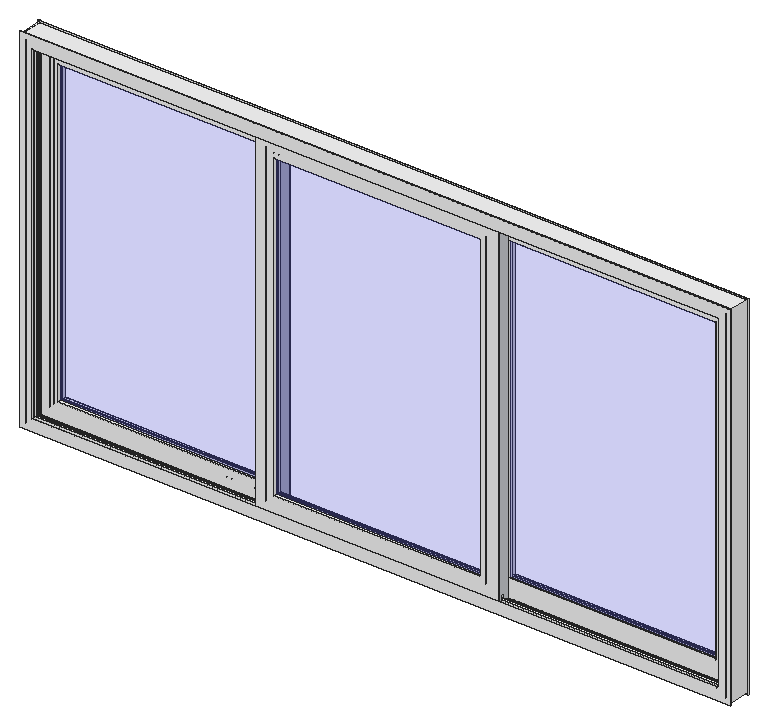
Revit family "1000_Sliding_Window_XOX_Custom", category Windows, host Wall, Revit 2014
Parameters (values of type "1000SW-XOX-Custom")
  Windload Design = if(Custom Windload < 1001 mm, 1000 mm, if(Custom Windload < 1501 mm, 1500 mm, 2000 mm))  # 1000 mm
  Width Sash Middle [instance] = 819.967 mm
  Width Sash Side [instance] = 820.017 mm
  Width = if(Custom Window Width < Limit Window Width Min, Limit Window Width Min, if(Custom Window Width > Limit Window Width Max, Limit Window Width Max, Custom Window Width))  # 2400 mm
  Wall Thickness [instance] = 200 mm
  URL = "http://www.crealco.co.za/crealco-products.php"
  Thermal Resistance (R) [instance] = if(and(Custom U Value > 0.5678, 1 / Custom U Value < 36.9087), Custom U Value, if(not(Custom U Value > 0.5678), 1 / 0.5679, 1 / 36.9086)) * 1.0000 (m²·K)/W  # 1.76087 (m²·K)/W
  Standard Interlocker = not(Heavy Duty Interlocker)  # yes
  Solar Heat Gain Coefficient [instance] = if(and(not(Custom SHGC Value < 0), not(Custom SHGC Value > 1)), Custom SHGC Value, if(Custom U Value < 0, 0, 1))  # 0
  Sash Width Middle = if(Equal Sash Width, (Width - (2 mm * 28.7)) / 3 + 39.1 mm, if(Custom Sash Width Middle < Limit Sash Width Middle Min, Limit Sash Width Middle Min, if(Custom Sash Width Middle > Limit Sash Width Middle Max, Limit Sash Width Middle Max, Custom Sash Width Middle)))  # 819.967 mm
  Sash Width Sides = (Width - (28.7 mm * 2) - Sash Width Middle) / 2 + 58.7 mm  # 820.017 mm
  Sash Height = Height - (2 mm * 28.7)  # 1142.6 mm
  Sash Frame Seal = 2 mm  # constant formula
  Overall Width [instance] = 2400 mm
  Overall Height [instance] = 1200 mm
  Model = "1000"  # constant formula
  Max Pane Area = if(Area Middle Sash Glazing > Area Side Sash Glazing, Area Middle Sash Glazing, Area Side Sash Glazing)  # 0.749632 m²
  Manufacturer = "Crealco"  # constant formula
  Limit Window Width Min = (3 * Limit Sash Width Min) + (2 mm * 28.7) - (2 * 58.8 mm)  # 839.8 mm
  Limit Window Width Max = (3 * Limit Sash Width Max) + (2 mm * 28.7) - (2 * 58.8 mm)  # 4439.8 mm
  Limit Window Height Min = Limit Sash Height Min + (2 mm * 28.7)  # 357.4 mm
  Limit Window Height Max = Limit Sash Height Max + (2 mm * 28.7)  # 1857.4 mm
  Limit Sash Width Min = 300 mm  # constant formula
  Limit Sash Width Max = 1500 mm  # constant formula
  Limit Sash Width Middle Min = if(Width - (2 mm * 28.7) - (2 * Limit Sash Width Max) + (2 * 58.8 mm) < Limit Sash Width Min, Limit Sash Width Min, Width - (2 mm * 28.7) - (2 * Limit Sash Width Max) + (2 * 58.8 mm))  # 300 mm
  Limit Sash Width Middle Max = if(Width - (2 mm * 28.7) - (2 * Limit Sash Width Min) + (2 * 58.8 mm) > Limit Sash Width Max, Limit Sash Width Max, Width - (2 mm * 28.7) - (2 * Limit Sash Width Min) + (2 * 58.8 mm))  # 1500 mm
  Limit Sash Height Min = 300 mm  # constant formula
  Limit Sash Height Max = 1800 mm  # constant formula
  Is Heavy Duty Mullion = if(Windload Design = 1000 mm, if(and(Width > 1490 mm, Height > 1490 mm), 1 mm, 0 mm), if(Windload Design = 1500 mm, if(or(and(Width > 1790 mm, Height > 1190 mm), and(Width > 890 mm, Height > 1490 mm)), 1 mm, 0 mm), if(or(and(Width > 1190 mm, Height > 1190 mm), Height > 1490 mm), 1 mm, 0 mm)))  # 0 mm
  IGDB or SAGDB Number [instance] = 0
  Height Sash [instance] = 1142.6 mm
  Height = if(Custom Window Height < Limit Window Height Min, Limit Window Height Min, if(Custom Window Height > Limit Window Height Max, Limit Window Height Max, Custom Window Height))  # 1200 mm
  Heavy Duty Interlocker = if(Is Heavy Duty Mullion = 1 mm, 1 = 1, 1 = 0)  # no
  Heat Transfer Coefficient (U) [instance] = if(and(Custom U Value > 0.5678, Custom U Value < 36.9087), Custom U Value, if(not(Custom U Value > 0.5678), 0.5679, 36.9086)) * 1.0000 W/(m²·K)  # 0.5679 W/(m²·K)
  Glazing Thickness [instance] = if(IGDB or SAGDB Number = 1000015, 4 mm, if(IGDB or SAGDB Number = 9922, 4 mm, if(IGDB or SAGDB Number = 100100, 6 mm, if(IGDB or SAGDB Number = 103200, 7 mm, if(not(Max Pane Area > 0.75 m²), 4 mm, if(not(Max Pane Area > 1.50 m²), 4 mm, if(not(Max Pane Area > 2.10 m²), 5 mm, if(not(Max Pane Area > 2.90 m²), 6.4 mm, if(not(Max Pane Area > 4.30 m²), 8 mm, 10 mm)))))))))  # 4 mm
  Glazing Material [instance] = if(IGDB or SAGDB Number = 1000015, "PFG CLEARVUE 4mm", if(IGDB or SAGDB Number = 9922, "PFG ENERGY ADVANTAGE 4mm LOW-E", if(IGDB or SAGDB Number = 100100, "PFG INTRUDERPRUFE 6.38mm", if(IGDB or SAGDB Number = 103200, "PFG INTRUDERPRUFE LOW-E 7.38mm", "Unknown"))))  # "Unknown"
  Glazing Finish [instance] = Glass
  Glazing Code [instance] = if(IGDB or SAGDB Number = 1000015, "CF4", if(IGDB or SAGDB Number = 9922, "CF4E", if(IGDB or SAGDB Number = 100100, "LAM01", if(IGDB or SAGDB Number = 103200, "LAM01E", "Unknown"))))  # "Unknown"
  Frame Thickness = 75.7 mm  # constant formula
  Frame Offset From Exterior [instance] = if(Centered In Wall, (Wall Thickness - Frame Thickness) / 2, Custom Frame Offset From Exterior)  # 62.15 mm
  Equal Sash Width = yes
  Description = "sliding window, XOX custom"  # constant formula
  Default Sill Height = 800 mm
  Wall Closure = By host
  Custom Window Width = 2400 mm
  Custom Window Height = 1200 mm
  Custom Windload = 1000 mm
  Custom U Value [instance] = 0
  Custom Sash Width Middle = 100 mm
  Custom SHGC Value [instance] = 0
  Custom Frame Offset From Exterior = 0 mm
  Centered In Wall = yes
  Area Middle Sash Glazing = (Sash Width Middle - (50.3 mm * 2)) * (Sash Height - (50.3 mm * 2))  # 0.74958 m²
  Area Side Sash Glazing = (Sash Width Sides - (50.3 mm * 2)) * (Sash Height - (50.3 mm * 2))  # 0.749632 m²
  Aluminium Finish [instance] = White Powder Coated Aluminium ANP 1052
  All Available Glazing Numbers [instance] = "The rows below list the available glazing materials for this window:"  # constant formula
  9922 [instance] = "CF4E"  # constant formula
  103200 [instance] = "LAM01E"  # constant formula
  100100 [instance] = "LAM01"  # constant formula
  1000015 [instance] = "CF4"  # constant formula
Reference planes
  plane 1 "Center (Front/Back)": y = 0
  plane 2 "Center (Left/Right)": x = 0
  plane 3 "Left": x = -1200
  plane 4 "Right": x = 1200
  plane 5 "Sill": z = 800
  plane 6 "Head": z = 2000
  plane 7 "Exterior": y = 100
  plane 8 "Interior": y = -100
Lines and regions (mm)
  Opening 1
    outline origin (3500, -100, 0) x (1, 0, 0) y (0, 0, 1)
      loop
        line (-2300, 800) -> (-2300, 2000) -> (-4700, 2000) -> (-4700, 800) -> (-2300, 800)
Text (mm)
  text "EXTERIOR" at (-1963.203, 1332.353, 0), in view "Ref. Level"
  text "INTERIOR" at (-1981.466, -818.386, 0), in view "Ref. Level"
  text "Exterior" at (0, 923.751, 2943.296), in view "Right"
  text "Exterior" at (0, 1040.484, 2685.409), in view "Left"
Dimensions and locks
  equal spacing: plane 3 "Left", plane 2 "Center (Left/Right)", plane 4 "Right"
  "Width": plane 3 "Left" to plane 4 "Right"
  "Height": plane 5 "Sill" to plane 6 "Head"
  "Default Sill Height": plane 5 "Sill" to level
  locked: plane 7 "Exterior" to host wall at 0
  locked: plane 8 "Interior" to host wall
  "Overall Height": plane 6 "Head" to plane 5 "Sill"
  "Overall Width": plane 3 "Left" to plane 4 "Right"
  "Frame Offset From Exterior": nested 1 to plane 7 "Exterior"
  "Sash Frame Seal": nested 1 to nested 3
  "Sash Frame Seal": nested 2 to nested 1
  "Width Sash Side": nested 3 to nested 3
  "Width Sash Middle": nested 2 to nested 2
  "Height Sash": nested 3 to nested 3
  "Wall Thickness": host wall to host wall
  aligned and locked: nested 1 to nested 3
  aligned and locked: nested 2 to nested 1
  aligned and locked: nested 3 to nested 1
  aligned and locked: nested 1 to plane 6 "Head"
  aligned and locked: nested 1 to plane 4 "Right"
  aligned and locked: nested 4 to nested 3  (x3)
  aligned and locked: nested 5 to nested 2
  aligned and locked: nested 2 to nested 5
  aligned and locked: nested 7 to nested 2  (x2)
  aligned and locked: nested 2 to nested 7
  aligned and locked: nested 6 to nested 3  (x3)
  aligned and locked: nested 7 to nested 5
  aligned and locked: nested 2 to nested 3
  aligned and locked: nested 8 to nested 1
  aligned and locked: nested 1 to nested 8  (x2)
  aligned and locked: nested 8 to nested 9  (x2)
  aligned and locked: nested 9 to nested 8
  aligned and locked: nested 8 to nested 10  (x2)
  aligned and locked: nested 10 to nested 8
  aligned and locked: nested 11 to nested 2  (x3)
  aligned and locked: nested 12 to nested 2  (x2)
  aligned and locked: nested 12 to nested 8
Automatic sketch dimensions
  plane 3 "Left" to Opening 1 sketch curve = 0 mm
  plane 4 "Right" to Opening 1 sketch curve = 0 mm
  Opening 1 sketch curve to plane 5 "Sill" = 0 mm
  Opening 1 sketch curve to plane 6 "Head" = 0 mm
Nested families
  nested 1: "1000_Outer_Frame_With_Lip_XOX_Cust" at (-1200, -37.85, 800) x (-1, 0, 0) z (0, 0, 1), Width <- "Width", Height <- "Height", Profile Material <- "Aluminium Finish", type "1000_Outer_Frame_With_Lip_XOX_Cust"
    with Width 2400 mm, Profile Material White Powder Coated Aluminium ANP 1052, Height 1200 mm
  nested 2: "1000_Sash_SG_XOX_Cust" at (409.982, -2.15, 828.699), Sash Height <- "Sash Height", Sash Width <- "Sash Width Middle", Profile Material <- "Aluminium Finish", Glazing Thickness <- "Glazing Thickness", Glazing Material <- "Glazing Finish", type "1000_Sash_SG_XOX_Cust"
    with Sash Width 819.967 mm, Sash Height 1142.6 mm, Right Sliding no, Profile Material White Powder Coated Aluminium ANP 1052, Length Arrow Tip 72.663 mm, Length Arrow 239.789 mm, Left Sliding no, Is Sliding no, Glazing Thickness 4 mm, Glazing Start -2 mm, Glazing Material Glass, Glazing End 2 mm, Arrow Tip Length 72.663 mm, Arrow Left Gap 290.089 mm, Arrow Bottom Gap 571.3 mm
  nested 3: "1000_Sash_SG_XOX_Cust" at (1171.299, 37.85, 828.699), Sash Height <- "Sash Height", Sash Width <- "Sash Width Sides", Profile Material <- "Aluminium Finish", Glazing Thickness <- "Glazing Thickness", Glazing Material <- "Glazing Finish", type "1000_Sash_SG_XOX_Cust"
    with Sash Width 820.017 mm, Sash Height 1142.6 mm, Right Sliding yes, Profile Material White Powder Coated Aluminium ANP 1052, Length Arrow Tip 72.668 mm, Length Arrow 239.806 mm, Left Sliding no, Is Sliding yes, Glazing Thickness 4 mm, Glazing Start -2 mm, Glazing Material Glass, Glazing End 2 mm, Arrow Tip Length 72.668 mm, Arrow Left Gap 290.106 mm, Arrow Bottom Gap 571.3 mm
  nested 4: "1000_Clip_On_Interlocker_XOX_Cust" at (382.282, 1.55, 828.699) x (0, 1, 0) z (0, 0, 1), Clip On Interlocker Length <- "Sash Height", visible <- "Standard Interlocker", type "1000_Clip_On_Interlocker_XOX_Cust"
    with Profile Material none, Clip On Interlocker Length 1142.6 mm
  nested 5: "1000_Clip_On_Interlocker_XOX_Cust" at (378.982, 6.15, 828.699) x (0, -1, 0) z (0, 0, 1), Clip On Interlocker Length <- "Sash Height", visible <- "Standard Interlocker", type "1000_Clip_On_Interlocker_XOX_Cust"
    with Profile Material none, Clip On Interlocker Length 1142.6 mm
  nested 6: "1000_Heavy_Duty_Interlocker_XOX_Cust" at (500.267, -185.916, 828.699) x (0, 1, 0) z (0, 0, 1), visible <- "Heavy Duty Interlocker", Profile Material <- "Aluminium Finish", Heavy Duty Interlocker Length <- "Sash Height", type "1000_Heavy_Duty_Interlocker_XOX_Cust"
    with Profile Material White Powder Coated Aluminium ANP 1052, Heavy Duty Interlocker Length 1142.6 mm, Heavy Duty Interlocker yes
  nested 7: "1000_Heavy_Duty_Interlocker_XOX_Cust" at (260.997, 193.616, 828.699) x (0, -1, 0) z (0, 0, 1), visible <- "Heavy Duty Interlocker", Profile Material <- "Aluminium Finish", Heavy Duty Interlocker Length <- "Sash Height", type "1000_Heavy_Duty_Interlocker_XOX_Cust"
    with Profile Material White Powder Coated Aluminium ANP 1052, Heavy Duty Interlocker Length 1142.6 mm, Heavy Duty Interlocker yes
  nested 8: "1000_Sash_SG_XOX_Cust" at (-351.282, 37.85, 828.699), Sash Height <- "Sash Height", Sash Width <- "Sash Width Sides", Profile Material <- "Aluminium Finish", Glazing Thickness <- "Glazing Thickness", Glazing Material <- "Glazing Finish", type "1000_Sash_SG_XOX_Cust"
    with Sash Width 820.017 mm, Sash Height 1142.6 mm, Right Sliding no, Profile Material White Powder Coated Aluminium ANP 1052, Length Arrow Tip 72.668 mm, Length Arrow 239.806 mm, Left Sliding yes, Is Sliding yes, Glazing Thickness 4 mm, Glazing Start -2 mm, Glazing Material Glass, Glazing End 2 mm, Arrow Tip Length 72.668 mm, Arrow Left Gap 290.106 mm, Arrow Bottom Gap 571.3 mm
  nested 9: "1000_Heavy_Duty_Interlocker_XOX_Cust" at (-500.267, -185.916, 828.699) x (0, 1, 0) z (0, 0, 1), visible <- "Heavy Duty Interlocker", Profile Material <- "Aluminium Finish", Heavy Duty Interlocker Length <- "Sash Height", type "1000_Heavy_Duty_Interlocker_XOX_Cust"
    with Profile Material White Powder Coated Aluminium ANP 1052, Heavy Duty Interlocker Length 1142.6 mm, Heavy Duty Interlocker yes
  nested 10: "1000_Clip_On_Interlocker_XOX_Cust" at (-382.282, 1.55, 828.699) x (0, 1, 0) z (0, 0, 1), Clip On Interlocker Length <- "Sash Height", visible <- "Standard Interlocker", type "1000_Clip_On_Interlocker_XOX_Cust"
    with Profile Material none, Clip On Interlocker Length 1142.6 mm
  nested 11: "1000_Heavy_Duty_Interlocker_XOX_Cust" at (-260.999, 193.616, 828.699) x (0, -1, 0) z (0, 0, 1), visible <- "Heavy Duty Interlocker", Profile Material <- "Aluminium Finish", Heavy Duty Interlocker Length <- "Sash Height", type "1000_Heavy_Duty_Interlocker_XOX_Cust"
    with Profile Material White Powder Coated Aluminium ANP 1052, Heavy Duty Interlocker Length 1142.6 mm, Heavy Duty Interlocker yes
  nested 12: "1000_Clip_On_Interlocker_XOX_Cust" at (-378.984, 6.15, 828.699) x (0, -1, 0) z (0, 0, 1), Clip On Interlocker Length <- "Sash Height", visible <- "Standard Interlocker", type "1000_Clip_On_Interlocker_XOX_Cust"
    with Profile Material none, Clip On Interlocker Length 1142.6 mm
Definition of nested family "1000_Outer_Frame_With_Lip_XOX_Cust"
  Parameters (values of type "1000_Outer_Frame_With_Lip")
    Width [instance] = 1200 mm
    Profile Material [instance] = none
    Height [instance] = 1800 mm
  Reference planes
    plane 1 "Center (Front/Back)": y = 0
    plane 2: z = 0
    plane 3 "Center (Left/Right)": x = 0
  Forms (mm)
    Sweep 1, solid, material <- "Profile Material"
      path origin (0, 0, 0) x (1, 0, 0) y (0, 0, 1)
        loop
          line (0, 0) -> (0, 1800) -> (-1200, 1800) -> (-1200, 0) -> (0, 0)
      profile origin (-600, 0, 0) x (0, 0, -1) y (0, -1, 0)
        loop
          line (0, 0) -> (0, 1.4) -> (-4.241, 1.4) -> (-4.241, 42) -> (-4.241, 74.3) -> (0, 74.3) -> (0, 75.7) -> (-18.001, 75.7) -> (-18.001, 67.7) -> (-38.001, 67.7) -> (-39.788, 62.338) -> (-39.788, 61.062) -> (-38.001, 55.7) -> (-28.701, 55.7) -> (-28.701, 57.1) -> (-36.887, 57.1) -> (-37.885, 60.095) -> (-37.885, 63.305) -> (-36.887, 66.3) -> (-18.001, 66.3) -> (-18.001, 17.1) -> (-36.887, 17.1) -> (-37.885, 20.095) -> (-37.885, 23.305) -> (-36.887, 26.3) -> (-28.701, 26.3) -> (-28.701, 27.7) -> (-38.001, 27.7) -> (-39.788, 22.338) -> (-39.788, 21.062) -> (-38.001, 15.7) -> (-18.001, 15.7) -> (-18.001, 1.4) -> (-39.751, 1.4) -> (-39.751, 0) -> (0, 0)
        loop
          line (-5.641, 74.3) -> (-16.601, 74.3) -> (-16.601, 1.4) -> (-5.641, 1.4) -> (-5.641, 74.3)
  Lines and regions (mm)
    model lines
      curve 1: line (-1200, -75.7, 1800) -> (-1181.999, -75.7, 1781.999)
      curve 2: line (-18.001, -75.7, 1781.999) -> (0, -75.7, 1800)
      curve 3: line (0, -75.7, 0) -> (-18.001, -75.7, 18.001)
      curve 4: line (-1181.999, -75.7, 18.001) -> (-1200, -75.7, 0)
      curve 5: line (-1181.999, -67.7, 18.001) -> (-1161.999, -67.7, 38.001)
      curve 6: line (-38.001, -67.7, 38.001) -> (-18.001, -67.7, 18.001)
      curve 7: line (-18.001, -67.7, 1781.999) -> (-38.001, -67.7, 1761.999)
      curve 8: line (-1181.999, -67.7, 1781.999) -> (-1161.999, -67.7, 1761.999)
      curve 9: line (0, 0, 1800) -> (-39.788, 0, 1760.212)
      curve 10: line (-1200, 0, 1800) -> (-1160.249, 0, 1760.249)
      curve 11: line (-1200, 0, 0) -> (-1160.249, 0, 39.751)
      curve 12: line (0, 0, 0) -> (-39.788, 0, 39.788)
  Dimensions and locks
    "Width": Sweep 1 sketch curve to Sweep 1 sketch curve
    "Height": Sweep 1 sketch curve to Sweep 1 sketch curve
    aligned and locked: level to plane 2
  Automatic sketch dimensions
    Sweep 1 sketch curve to plane 1 "Center (Front/Back)" = 0 mm
    Sweep 1 sketch curve to profile plane = 0 mm  (x2)
    Sweep 1 sketch curve to Sweep 1 sketch curve = 4.241 mm
    Sweep 1 sketch curve to Sweep 1 sketch curve = 1.4 mm  (x8)
    plane 1 "Center (Front/Back)" to Sweep 1 sketch curve = 1.4 mm  (x2)
    Sweep 1 sketch curve to Sweep 1 sketch curve = 10.96 mm
    Sweep 1 sketch curve to Sweep 1 sketch curve = 0 mm  (x3)
    Sweep 1 sketch curve to Sweep 1 sketch curve = 10.7 mm  (x2)
    Sweep 1 sketch curve to Sweep 1 sketch curve = 8.186 mm  (x4)
    plane 1 "Center (Front/Back)" to Sweep 1 sketch curve = 17.1 mm
    Sweep 1 sketch curve to Sweep 1 sketch curve = 0.998 mm  (x2)
    Sweep 1 sketch curve to Sweep 1 sketch curve = 1.114 mm  (x4)
    Sweep 1 sketch curve to Sweep 1 sketch curve = 1.75 mm
    Sweep 1 sketch curve to Sweep 1 sketch curve = 1.904 mm  (x2)
    Sweep 1 sketch curve to Sweep 1 sketch curve = 2.995 mm  (x4)
    Sweep 1 sketch curve to Sweep 1 sketch curve = 0.967 mm  (x4)
    Sweep 1 sketch curve to Sweep 1 sketch curve = 1.276 mm  (x2)
    Sweep 1 sketch curve to Sweep 1 sketch curve = 14.3 mm
    Sweep 1 sketch curve to Sweep 1 sketch curve = 28 mm
    Sweep 1 sketch curve to Sweep 1 sketch curve = 6.6 mm
    curve 3 to Sweep 1 = 0 mm  (x3)
    Sweep 1 to curve 3 = 0 mm
    curve 2 to Sweep 1 = 0 mm  (x4)
    curve 1 to Sweep 1 = 0 mm  (x4)
    curve 4 to Sweep 1 = 0 mm  (x3)
    Sweep 1 to curve 4 = 0 mm
    curve 7 to Sweep 1 = 0 mm  (x4)
    curve 6 to Sweep 1 = 0 mm  (x3)
    Sweep 1 to curve 6 = 0 mm
    curve 5 to Sweep 1 = 0 mm  (x3)
    Sweep 1 to curve 5 = 0 mm
    curve 8 to Sweep 1 = 0 mm  (x4)
    curve 12 to Sweep 1 = 0 mm  (x2)
    curve 9 to Sweep 1 = 0 mm
    Sweep 1 to curve 9 = 0 mm
    curve 11 to Sweep 1 = 0 mm  (x4)
    curve 10 to Sweep 1 = 0 mm  (x3)
    Sweep 1 to curve 10 = 0 mm
    curve 12 to Sweep 1 = 0.037 mm  (x2)
    curve 9 to Sweep 1 = 0.037 mm  (x2)
    Sweep 1 sketch curve to level = 0 mm
    Sweep 1 sketch curve to plane 3 "Center (Left/Right)" = 0 mm
Definition of nested family "1000_Sash_SG_XOX_Cust"
  Parameters (values of type "1000_Sash_SG")
    Sash Width [instance] = 300 mm
    Sash Height [instance] = 600 mm
    Right Sliding [instance] = yes
    Profile Material [instance] = White Powder Coated Aluminium ANP 1052
    Length Arrow Tip [instance] = Length Arrow / 3.3  # 20.141 mm
    Length Arrow [instance] = (Sash Width - (2 * 50.3 mm)) / 3  # 66.467 mm
    Left Sliding [instance] = yes
    Is Sliding [instance] = if(or(Right Sliding, Left Sliding), 1 = 1, 1 = 2)  # yes
    Glazing Thickness [instance] = 6.4 mm
    Glazing Start [instance] = -Glazing Thickness / 2  # -3.2 mm
    Glazing Material [instance] = Glass
    Glazing Frame Gap = 5 mm  # constant formula
    Glazing End [instance] = Glazing Thickness / 2  # 3.2 mm
    Arrow Tip Length [instance] = if((Sash Height - (2 * 50.3 mm)) / 8 > Length Arrow / 3.3, Length Arrow / 3.3, (Sash Height - (2 * 50.3 mm)) / 8)  # 20.141 mm
    Arrow Tip Angle = 45.00°
    Arrow Left Gap [instance] = (Sash Width - Length Arrow) / 2  # 116.767 mm
    Arrow Bottom Gap [instance] = Sash Height / 2  # 300 mm
  Reference planes
    plane 1 "Center (Front/Back)": y = 0
    plane 2: z = 0
    plane 3 "Center (Left/Right)": x = 0
    plane 4: y = -14
  Forms (mm)
    Sweep 1, solid, material "White Powder Coated Aluminium ANP 1052" <- "Profile Material"
      path origin (0, 0, 0) x (1, 0, 0) y (0, 0, 1)
        loop
          line (0, 0) -> (0, 600) -> (-300, 600) -> (-300, 0) -> (0, 0)
      profile origin (-150, 0, 0) x (0, 0, -1) y (0, -1, 0)
        loop
          line (-60, 0) -> (0, 0) -> (0, 6) -> (-1.3, 6) -> (-1.3, 1.3) -> (-31.5, 1.3) -> (-31.5, 5) -> (-30, 5) -> (-30, 23) -> (-31.5, 23) -> (-31.5, 26.7) -> (-1.3, 26.7) -> (-1.3, 22) -> (0, 22) -> (0, 28) -> (-60, 28) -> (-60, 20) -> (-58.7, 20) -> (-58.7, 26.7) -> (-45.3, 26.7) -> (-45.3, 1.3) -> (-58.7, 1.3) -> (-58.7, 8) -> (-60, 8) -> (-60, 0)
        loop
          line (-44, 26.7) -> (-44, 1.3) -> (-33, 1.3) -> (-33, 6.3) -> (-31.5, 6.3) -> (-31.5, 21.7) -> (-33, 21.7) -> (-33, 26.7) -> (-44, 26.7)
    Extrusion 2, solid, material "Glass" <- "Glazing Material"
      sketch origin (-1130, -14, 1200) x (-1, 0, 0) y (0, 0, 1)
        loop
          line (-880.3, -650.3) -> (-1079.7, -650.3) -> (-1079.7, -1149.7) -> (-880.3, -1149.7) -> (-880.3, -650.3)
      from -3.2 <- "Glazing Start" to 3.2 <- "Glazing End"
  Lines and regions (mm)
    model lines
      curve 1: line (-240, 0, 540) -> (-300, 0, 600)
      curve 2: line (-60, 0, 540) -> (0, 0, 600)
      curve 3: line (0, 0, 0) -> (-60, 0, 60)
      curve 4: line (-240, 0, 60) -> (-300, 0, 0)
      curve 5: line (-60, -28, 540) -> (0, -28, 600)
      curve 6: line (-240, -28, 540) -> (-300, -28, 600)
      curve 7: line (-300, -28, 0) -> (-240, -28, 60)
      curve 8: line (0, -28, 0) -> (-60, -28, 60)
    model lines, visible <- "Is Sliding"
      curve 9: line (-183.233, -10.8, 300) -> (-116.767, -10.8, 300)
    model lines, visible <- "Left Sliding"
      curve 10: line (-116.767, -10.8, 300) -> (-131.009, -10.8, 314.242)
      curve 11: line (-116.767, -10.8, 300) -> (-131.009, -10.8, 285.758)
    model lines, visible <- "Right Sliding"
      curve 12: line (-183.233, -10.8, 300) -> (-168.991, -10.8, 314.242)
      curve 13: line (-183.233, -10.8, 300) -> (-168.991, -10.8, 285.758)
  Dimensions and locks
    "Sash Width": Sweep 1 sketch curve to Sweep 1 sketch curve
    "Sash Height": Sweep 1 sketch curve to Sweep 1 sketch curve
    "Glazing Frame Gap": Sweep 1 to Extrusion 2 sketch curve
    "Glazing Frame Gap": Extrusion 2 sketch curve to Sweep 1  (x3)
    "Length Arrow": curve 9 to curve 9
    "Arrow Left Gap": plane 3 "Center (Left/Right)" to curve 9
    "Arrow Bottom Gap": level to curve 9
    "Arrow Tip Length": curve 11 to curve 10
    "Arrow Tip Length": curve 11 to curve 11
    "Length Arrow Tip": curve 13 to curve 13
    "Length Arrow Tip": curve 13 to curve 12
    "Arrow Tip Angle": angle curve 11 to curve 9
    "Arrow Tip Angle": angle curve 9 to curve 10
    "Arrow Tip Angle": angle curve 12 to curve 9
    "Arrow Tip Angle": angle curve 9 to curve 13
    aligned and locked: level to plane 2
  Automatic sketch dimensions
    curve 2 to Sweep 1 = 0 mm  (x4)
    curve 3 to Sweep 1 = 0 mm  (x3)
    Sweep 1 to curve 3 = 0 mm
    curve 1 to Sweep 1 = 0 mm  (x4)
    curve 4 to Sweep 1 = 0 mm  (x3)
    Sweep 1 to curve 4 = 0 mm
    curve 8 to Sweep 1 = 0 mm  (x4)
    curve 5 to Sweep 1 = 0 mm  (x3)
    Sweep 1 to curve 5 = 0 mm
    curve 7 to Sweep 1 = 0 mm  (x4)
    curve 6 to Sweep 1 = 0 mm  (x3)
    Sweep 1 to curve 6 = 0 mm
    Sweep 1 sketch curve to plane 1 "Center (Front/Back)" = 0 mm
    Sweep 1 sketch curve to profile plane = 0 mm  (x2)
    profile plane to Sweep 1 sketch curve = 1.3 mm
    Sweep 1 sketch curve to Sweep 1 sketch curve = 1.3 mm  (x7)
    Sweep 1 sketch curve to Sweep 1 sketch curve = 28.7 mm
    plane 1 "Center (Front/Back)" to Sweep 1 sketch curve = 1.3 mm  (x2)
    Sweep 1 sketch curve to Sweep 1 sketch curve = 1.5 mm  (x5)
    Sweep 1 sketch curve to Sweep 1 sketch curve = 11 mm
    Sweep 1 sketch curve to Sweep 1 sketch curve = 13.4 mm  (x2)
    Sweep 1 sketch curve to Sweep 1 sketch curve = 0 mm
    Sweep 1 sketch curve to Sweep 1 sketch curve = 3.7 mm
    Sweep 1 sketch curve to Sweep 1 sketch curve = 4.7 mm  (x2)
    Sweep 1 sketch curve to Sweep 1 sketch curve = 6.7 mm  (x2)
    Sweep 1 sketch curve to Sweep 1 sketch curve = 12 mm
    Sweep 1 sketch curve to Sweep 1 sketch curve = 15.4 mm
    Sweep 1 sketch curve to Sweep 1 sketch curve = 16 mm
    Sweep 1 sketch curve to Sweep 1 sketch curve = 5 mm
    Sweep 1 sketch curve to level = 0 mm
    Sweep 1 sketch curve to plane 3 "Center (Left/Right)" = 0 mm
Definition of nested family "1000_Clip_On_Interlocker_XOX_Cust"
  Parameters (values of type "1000_Clip_On_Interlocker")
    Profile Material [instance] = none
    Notch Width = 13.1 mm  # constant formula
    Notch Side Gap = 4.8 mm  # constant formula
    Notch Height = 20 mm  # constant formula
    Clip On Interlocker Length [instance] = 250 mm
  Reference planes
    plane 1 "Center (Front/Back)": y = 0
    plane 2: z = 0
    plane 3 "Center (Left/Right)": x = 0
  Forms (mm)
    Extrusion 1, solid, material <- "Profile Material"
      sketch origin (0, 0, 0) x (1, 0, 0) y (0, 1, 0)
        loop
          line (0, 32.2) -> (0, 24.6) -> (6.9, 24.6) -> (6.9, 10) -> (0, 10) -> (0, 0) -> (1.2, 0) -> (1.2, 8.8) -> (6.9, 8.8) -> (6.9, 5.7) -> (8.3, 5.7) -> (8.3, 25.8) -> (1.2, 25.8) -> (1.2, 31) -> (14.6, 31) -> (14.6, 24.5) -> (15.775, 24.5) -> (15.775, 31) -> (28.875, 31) -> (28.875, 24.5) -> (30, 24.5) -> (30, 31) -> (33.7, 31) -> (33.7, 32.2) -> (0, 32.2)
      from 0 to 250 <- "Clip On Interlocker Length"
    Extrusion 2, void
      sketch origin (33.075, 32.2, 0) x (1, 0, 0) y (0, 0, 1)
        loop
          line (-4.175, 250) -> (-17.275, 250) -> (-17.275, 230) -> (-4.175, 230) -> (-4.175, 250)
        loop
          line (-4.175, 0) -> (-4.175, 20) -> (-17.275, 20) -> (-17.275, 0) -> (-4.175, 0)
      from 0 to 2
  Cuts and joins
    Extrusion 2 cuts Extrusion 1
  Dimensions and locks
    "Notch Side Gap": Extrusion 1 to Extrusion 2 sketch curve  (x2)
    "Notch Width": Extrusion 2 sketch curve to Extrusion 2 sketch curve  (x2)
    "Notch Height": Extrusion 1 to Extrusion 2 sketch curve
    "Notch Height": Extrusion 2 sketch curve to Extrusion 1
    aligned and locked: level to plane 2
    aligned and locked: Extrusion 1 to Extrusion 2 sketch curve
    aligned and locked: Extrusion 2 sketch curve to Extrusion 1
  Automatic sketch dimensions
    Extrusion 1 sketch curve to plane 3 "Center (Left/Right)" = 0 mm  (x2)
    plane 1 "Center (Front/Back)" to Extrusion 1 sketch curve = 0 mm
    plane 3 "Center (Left/Right)" to Extrusion 1 sketch curve = 1.2 mm  (x2)
    Extrusion 1 sketch curve to Extrusion 1 sketch curve = 5.7 mm
    Extrusion 1 sketch curve to Extrusion 1 sketch curve = 0 mm  (x3)
    Extrusion 1 sketch curve to Extrusion 1 sketch curve = 1.4 mm
    Extrusion 1 sketch curve to Extrusion 1 sketch curve = 6.3 mm
    Extrusion 1 sketch curve to Extrusion 1 sketch curve = 1.175 mm
    Extrusion 1 sketch curve to Extrusion 1 sketch curve = 13.1 mm
    Extrusion 1 sketch curve to Extrusion 1 sketch curve = 1.125 mm
    Extrusion 1 sketch curve to Extrusion 1 sketch curve = 3.7 mm
    Extrusion 1 sketch curve to plane 1 "Center (Front/Back)" = 5.7 mm
    Extrusion 1 sketch curve to Extrusion 1 sketch curve = 3.1 mm
    Extrusion 1 sketch curve to Extrusion 1 sketch curve = 1.2 mm  (x3)
    Extrusion 1 sketch curve to Extrusion 1 sketch curve = 14.5 mm
    Extrusion 1 sketch curve to Extrusion 1 sketch curve = 14.6 mm
    Extrusion 1 sketch curve to Extrusion 1 sketch curve = 6.5 mm  (x2)
Definition of nested family "1000_Heavy_Duty_Interlocker_XOX_Cust"
  Parameters (values of type "1000_Heavy_Duty_Interlocker")
    Profile Material [instance] = none
    Notch Width = 13 mm  # constant formula
    Notch Side Gap = 15.8 mm  # constant formula
    Notch Height = 20 mm  # constant formula
    Heavy Duty Interlocker Length [instance] = 250 mm
    Heavy Duty Interlocker [instance] = yes
  Reference planes
    plane 1 "Center (Front/Back)": y = 0
    plane 2: z = 0
    plane 3 "Center (Left/Right)": x = 0
  Forms (mm)
    Extrusion 1, solid, material <- "Profile Material", visible <- "Heavy Duty Interlocker"
      sketch origin (374.931, 0, 0) x (-1, 0, 0) y (0, -1, 0)
        loop
          line (158.706, -148.985) -> (158.706, -145.885) -> (157.506, -145.885) -> (157.506, -148.985) -> (151.156, -148.985) -> (151.156, -122.127)
          arc (151.156, -122.127) -> (134.132, -124.551) -> (116.984, -123.281) r 80
          arc (116.984, -123.281) -> (104.109, -136.156) -> (116.984, -149.031) r 12.875
          arc (116.984, -149.031) -> (134.132, -147.761) -> (151.156, -150.185) r 80
          line (151.156, -150.185) -> (187.466, -150.185) -> (187.466, -139.985) -> (186.266, -139.985) -> (186.266, -142.585) -> (180.266, -142.585) -> (180.266, -127.985) -> (186.266, -127.985) -> (186.266, -130.585) -> (187.466, -130.585) -> (187.466, -117.985) -> (186.266, -117.985) -> (186.266, -126.785) -> (180.266, -126.785) -> (180.266, -123.685) -> (179.166, -123.685) -> (179.166, -143.785) -> (186.266, -143.785) -> (186.266, -148.985) -> (172.841, -148.985) -> (172.841, -145.885) -> (171.641, -145.885) -> (171.641, -148.985) -> (158.706, -148.985)
        loop
          arc (149.756, -124.533) -> (149.569, -124.143) -> (149.147, -124.045) r 0.5
          arc (149.147, -124.045) -> (141.472, -125.375) -> (133.704, -125.964) r 81.4
          arc (133.704, -125.964) -> (125.312, -125.766) -> (116.984, -124.704) r 81.4
          arc (116.984, -124.704) -> (105.532, -136.156) -> (116.984, -147.608) r 11.452
          arc (116.984, -147.608) -> (125.312, -146.546) -> (133.704, -146.347) r 81.4
          arc (133.704, -146.347) -> (141.472, -146.937) -> (149.147, -148.266) r 81.4
          arc (149.147, -148.266) -> (149.569, -148.169) -> (149.756, -147.778) r 0.5
          line (149.756, -147.778) -> (149.756, -124.533)
      from 0 to 250 <- "Heavy Duty Interlocker Length"
    Extrusion 2, void
      sketch origin (187.466, 150.185, 0) x (-1, 0, 0) y (0, 0, -1)
        loop
          line (-15.825, -250) -> (-15.825, -230) -> (-28.76, -230) -> (-28.76, -250) -> (-15.825, -250)
        loop
          line (-15.825, 0) -> (-28.76, 0) -> (-28.76, -20) -> (-15.825, -20) -> (-15.825, 0)
      from 0 to 250
  Cuts and joins
    Extrusion 2 cuts Extrusion 1
  Dimensions and locks
    "Notch Height": Extrusion 2 sketch curve to Extrusion 1
    "Notch Height": Extrusion 1 to Extrusion 2 sketch curve
    aligned and locked: level to plane 2
  Automatic sketch dimensions
    Extrusion 1 sketch curve to Extrusion 1 sketch curve = 0 mm  (x22)
    plane 1 "Center (Front/Back)" to Extrusion 1 sketch curve = 136.156 mm
    Extrusion 1 sketch curve to plane 3 "Center (Left/Right)" = 257.947 mm
    Extrusion 1 sketch curve to Extrusion 1 sketch curve = 14.448 mm  (x2)
    plane 1 "Center (Front/Back)" to Extrusion 1 sketch curve = 44.596 mm
    Extrusion 1 sketch curve to Extrusion 1 sketch curve = 32.272 mm
    Extrusion 1 sketch curve to Extrusion 1 sketch curve = 0.5 mm
    Extrusion 1 sketch curve to Extrusion 1 sketch curve = 1.4 mm
    Extrusion 1 sketch curve to Extrusion 1 sketch curve = 6.35 mm
    Extrusion 1 sketch curve to Extrusion 1 sketch curve = 1.2 mm  (x7)
    Extrusion 1 sketch curve to Extrusion 1 sketch curve = 12.935 mm
    Extrusion 1 sketch curve to Extrusion 1 sketch curve = 6.325 mm
    Extrusion 1 sketch curve to Extrusion 1 sketch curve = 1.1 mm
    Extrusion 1 sketch curve to Extrusion 1 sketch curve = 6 mm  (x2)
    Extrusion 1 sketch curve to Extrusion 1 sketch curve = 18.171 mm
    Extrusion 1 sketch curve to Extrusion 1 sketch curve = 4.142 mm
    Extrusion 1 sketch curve to Extrusion 1 sketch curve = 5.7 mm
    Extrusion 1 sketch curve to Extrusion 1 sketch curve = 2.407 mm
    Extrusion 1 sketch curve to Extrusion 1 sketch curve = 3.1 mm  (x2)
    Extrusion 1 sketch curve to Extrusion 1 sketch curve = 2.6 mm  (x2)
    Extrusion 1 sketch curve to Extrusion 1 sketch curve = 9.4 mm
    Extrusion 1 sketch curve to Extrusion 1 sketch curve = 2.1 mm
    Extrusion 1 sketch curve to Extrusion 1 sketch curve = 1.893 mm
    Extrusion 1 sketch curve to Extrusion 1 sketch curve = 5.2 mm
    Extrusion 1 sketch curve to Extrusion 1 sketch curve = 15.443 mm  (x2)
    Extrusion 2 sketch curve to Extrusion 1 = 0 mm  (x2)
    Extrusion 2 sketch curve to Extrusion 1 = 7.55 mm  (x2)
    Extrusion 2 sketch curve to Extrusion 2 sketch curve = 12.935 mm  (x2)
